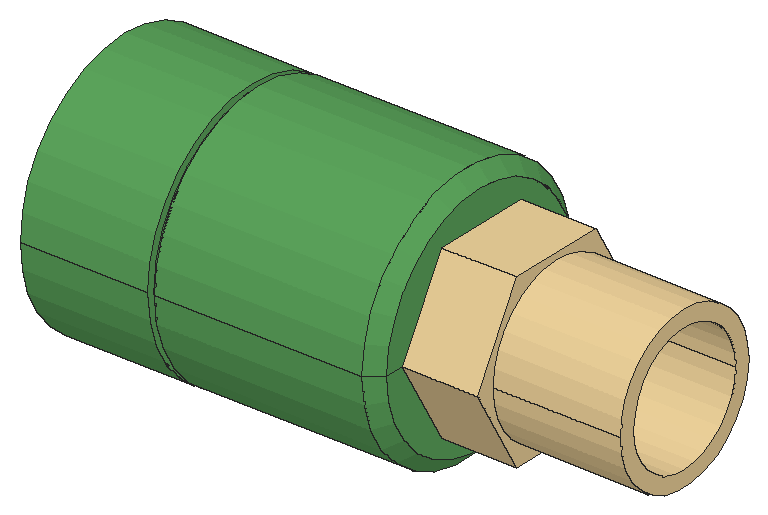
Revit family "Aquatherm_Переходник для подключения к радиатору", category Соединительные детали трубопроводов, Revit 2019
Family settings
  Размер круглого соединителя = Использовать диаметр
  Тип детали = Переход
  На основе рабочей плоскости = Нет
  Всегда вертикально = Да
  При загрузке вырезать с полостями = Нет
  Общий = Нет
Parameters
  Материал_Корпус_2 = AquaTherm латунь pipe
  Материал_Корпус = AquaTherm green pipe
  z [instance] = 12 mm  # constant formula
  r [instance] = R - 3 mm  # 12 mm
  URL = "www.agpipe.ru"
  d [instance] = 16 mm
  R [instance] = 15 mm
  L [instance] = size_lookup("Переходник для подключения к радиатору", "L", 18 mm, d, R)  # 52.5 mm
  D [instance] = size_lookup("Переходник для подключения к радиатору", "D", 18 mm, d, R)  # 24.5 mm
  ADSK_Примечание = ""
  ADSK_Позиция [instance] = ""
  ADSK_Обозначение = ""
  ADSK_Наименование [instance] = size_lookup("Переходник для подключения к радиатору", "ADSK_Наименование", "Нет в каталоге", d, R)  # "Переходник для подключения к радиатору DN16x1/2''"
  ADSK_Масса_Текст = ""
  ADSK_Код изделия [instance] = size_lookup("Переходник для подключения к радиатору", "ADSK_Код изделия", "Нет в каталоге", d, R)  # "83306"
  ADSK_Завод-изготовитель = "Aquatherm"  # constant formula
  ADSK_Единица измерения = "шт."  # constant formula
  1 [instance] = 1 = 1  # yes
Reference planes
  plane 1 "По центру (Вперед/Назад)": y = 0
  plane 2: z = 0
  plane 3 "По центру (Влево/Вправо)": x = 0
  plane 4: x = -26.25
  plane 5: x = 26.25
  plane 6: x = -14.25
  plane 7: x = 14.25
  plane 8: x = 7.125
Forms (mm)
  Extrusion 1, solid, material "AquaTherm green pipe" <- "Материал_Корпус", visible <- "1"
    sketch origin (0, 0, 0) x (0, 1, 0) y (0, 0, 1)
      loop
        circle (0, 0) r 12.25
      loop
        circle (0, 0) r 8
    from -26.25 to -14.25
  Revolve 2, solid, material "AquaTherm green pipe" <- "Материал_Корпус", visible <- "1"
    sketch origin (0, 0, 0) x (1, 0, 0) y (0, 1, 0)
      loop
        line (-14.25, 5) -> (7.125, 5) -> (7.125, 10.941) -> (5.816, 12.25) -> (-13.671, 12.25) -> (-14.25, 11.671) -> (-14.25, 5)
      axis (7.125, 0) -> (-14.25, 0)
    angle from 0 to 360
  Extrusion 3, solid, material "AquaTherm латунь pipe" <- "Материал_Корпус_2", visible <- "1"
    sketch origin (0, 0, 0) x (0, 1, 0) y (0, 0, 1)
      loop
        circle (0, 0) r 7.5
      loop
        circle (0, 0) r 6
    from 14.25 to 26.25
  Extrusion 4, solid, material "AquaTherm латунь pipe" <- "Материал_Корпус_2", visible <- "1"
    sketch origin (0, 0, 0) x (0, 1, 0) y (0, 0, 1)
      loop
        line (-4.619, 8) -> (-9.238, 0) -> (-4.619, -8) -> (4.619, -8) -> (9.238, 0) -> (4.619, 8) -> (-4.619, 8)
      loop
        circle (0, 0) r 6
    from 7.125 to 14.25
Lines and regions (mm)
  reference lines
    curve 1: line (-14.25, 0, 0) -> (14.25, 0, 0)
Dimensions and locks
  equal spacing: plane 4, plane 3 "По центру (Влево/Вправо)", plane 5
  "L": plane 4 to plane 5
  "z": plane 7 to plane 5
  "z": plane 4 to plane 6
  equal spacing: plane 3 "По центру (Влево/Вправо)", plane 8, plane 7
  "d": diameter of Extrusion 1 sketch curve
  "D": diameter of Extrusion 1 sketch curve
  "r": diameter of Extrusion 3 sketch curve
  "R": diameter of Extrusion 3 sketch curve
  "r": diameter of Extrusion 4 sketch curve
  aligned and locked: level to plane 2
  aligned and locked: plane 6 to curve 1
  aligned and locked: plane 7 to curve 1
  aligned and locked: Extrusion 1 to plane 4
  aligned and locked: plane 6 to Extrusion 1
  aligned and locked: plane 5 to Extrusion 3
  aligned and locked: Extrusion 3 to plane 7
  aligned and locked: plane 7 to Extrusion 4
  aligned and locked: Extrusion 4 to plane 8
Automatic sketch dimensions
  plane 1 "По центру (Вперед/Назад)" to curve 1 = 0 mm
  plane 1 "По центру (Вперед/Назад)" to Revolve 2 sketch curve = 0 mm
  Revolve 2 sketch curve to plane 6 = 0 mm
  Revolve 2 sketch curve to plane 8 = 0 mm
  plane 6 to Revolve 2 sketch curve = 0.579 mm
  Revolve 2 sketch curve to plane 8 = 1.309 mm
  Revolve 2 sketch curve to plane 1 "По центру (Вперед/Назад)" = 5 mm
  Revolve 2 sketch curve to Revolve 2 sketch curve = 5.941 mm
  Revolve 2 sketch curve to Revolve 2 sketch curve = 6.671 mm
  Revolve 2 sketch curve to Revolve 2 sketch curve = 1.309 mm
  Revolve 2 sketch curve to plane 6 = 2.557 mm
  Revolve 2 sketch curve to plane 3 "По центру (Влево/Вправо)" = 5.108 mm
  Extrusion 1 sketch curve to Extrusion 1 sketch curve = 0 mm  (x2)
  Extrusion 1 sketch curve to level = 0 mm
  Extrusion 1 sketch curve to plane 1 "По центру (Вперед/Назад)" = 0 mm
  Extrusion 3 sketch curve to Extrusion 3 sketch curve = 0 mm  (x2)
  Extrusion 3 sketch curve to level = 0 mm
  Extrusion 3 sketch curve to plane 1 "По центру (Вперед/Назад)" = 0 mm
  Extrusion 4 sketch curve to level = 0 mm  (x3)
  Extrusion 4 sketch curve to plane 1 "По центру (Вперед/Назад)" = 0 mm
  plane 1 "По центру (Вперед/Назад)" to Extrusion 4 sketch curve = 4.619 mm  (x2)
  Extrusion 4 sketch curve to Extrusion 4 sketch curve = 4.619 mm  (x2)
  Extrusion 4 sketch curve to plane 1 "По центру (Вперед/Назад)" = 4.619 mm  (x2)
  Extrusion 4 sketch curve to level = 8 mm
  level to Extrusion 4 sketch curve = 8 mm
Connectors
  piping at (-14.25, 0, 0), diameter 16, driven by "d"
    settings: on curve 1, index 1, connector inside diameter 609.6 mm, connector length 0 mm, flow factor 0, pipe flow 0.0 L/s, pressure drop 0.0 Pa, fitting loss kfactor 0, connector angle 0.00°, fixture units 0, engagement length 0 mm, angle of deflection 0.00°, flow configuration 0, flow direction 0, fitting loss method 0, system type 28, joint type 0, gender type 0, connector reference index 2, connector utility 0, adjustable connector no, is connector primary yes, connector description ""
  piping at (14.25, 0, 0), diameter 15, driven by "R"
    settings: on curve 1, index 2, connector inside diameter 609.6 mm, connector length 0 mm, flow factor 0, pipe flow 0.0 L/s, pressure drop 0.0 Pa, fitting loss kfactor 0, connector angle 0.00°, fixture units 0, engagement length 0 mm, angle of deflection 0.00°, flow configuration 0, flow direction 0, fitting loss method 0, system type 28, joint type 0, gender type 0, connector reference index 1, connector utility 0, adjustable connector no, is connector primary no, connector description ""
